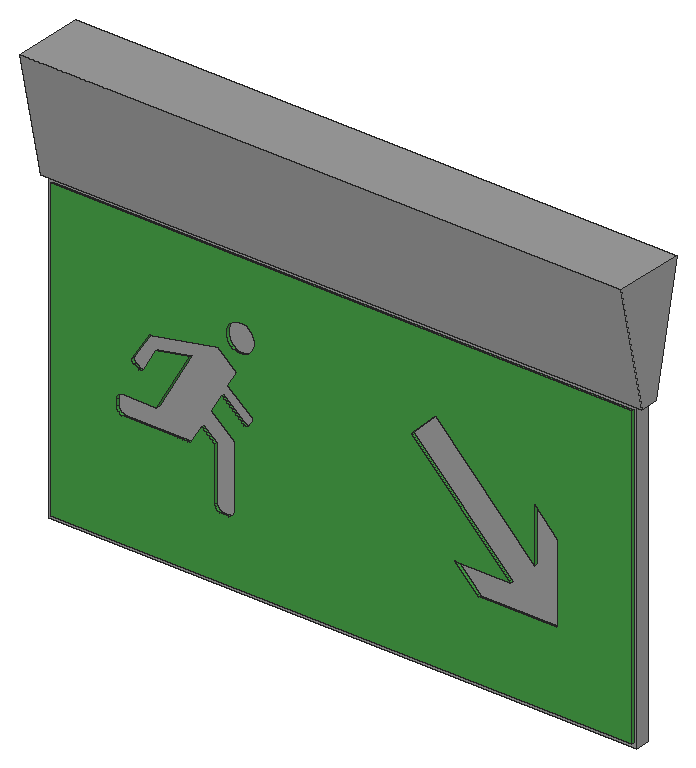
Revit family "ExiLED M ST LED (skrått 45 grader ned mot høyre_takmontasje)", category Lighting Fixtures, Revit 2013
Parameters (values of type "44m")
  Width Top = 53 mm
  Width = 10 mm
  Wattage Comments = "17 W"
  Wattage = 9.2903 W
  built-in parameter 1150110 = 1 (stored number, unit not read)
  Voltage = 230 V
  URL = ""
  built-in parameter 1114217 = 1 (stored number, unit not read)
  Tilt Angle = 90.00°
  built-in parameter 1150109 = 1 (stored number, unit not read)
  built-in parameter 1150134 = 3
  Symbol Positive Direction [instance] = yes
  Symbol Offset Side [instance] = 0 mm
  Symbol Offset Out [instance] = 0 mm
  built-in parameter 1150113 = 1 (stored number, unit not read)
  Reference Line Out [instance] = 31.983 mm
  Photometric Web File = "20x42A12.ies"
  Number of Poles = 1
  built-in parameter 1150105 = 109.82 (stored number, unit not read)
  Lumens = 1380 lm
  built-in parameter 1150115 = 1 (stored number, unit not read)
  Load Classification [instance] = Other
  Model = ""
  Manufacturer = ""
  built-in parameter 1150137 = (empty or 0)
  built-in parameter 1150139 = (empty or 0)
  Length = 455 mm
  built-in parameter 1150112 = 1 (stored number, unit not read)
  built-in parameter 1150114 = 1 (stored number, unit not read)
  Lamp = "1"
  built-in parameter 1150132 = (empty or 0)
  built-in parameter 1150102 = (empty or 0)
  built-in parameter 1150107 = 3200 (stored number, unit not read)
  built-in parameter 1150138 = (empty or 0)
  built-in parameter 1150106 = 1.0982 (stored number, unit not read)
  Height 1 = 232 mm
  Height = 322 mm
  built-in parameter 1150127 = Width  # 10 mm
  Emit from Rectangle Length = Length  # 455 mm
  Emit Shape Visible in Rendering = no
  built-in parameter 1150104 = 13.8 (stored number, unit not read)
  Dimming Lamp Color Temperature Shift = <None>
  Description = ""
  Color Filter = 16777215
  Body Material and Colour = Default
  built-in parameter 1114218 = 1 (stored number, unit not read)
  Emit from Rectangle Width = 3048 mm
  Assembly Code = ""
  Apparent Load = 17 VA
  44m = yes
  34m = no
  22m = no
Types (3, lengths in mm): name | Length | Height 1 | Height | Emit from Rectangle Length | 44m | 34m | 22m
  22m | 265 | 132 | 222 | 265 | no | no | yes
  34 m | 365 | 182 | 272 | 365 | no | yes | no
  44m | 455 | 232 | 322 | 455 | yes | no | no
Reference planes
  plane 1 "Light Source Axis (F/B)": y = 119.961
  plane 2 "Top": z = 83
  plane 3 "Light Source Axis (L/R)": x = 0
  plane 4 "Level": z = 0
  plane 5 "Bottom": z = -322
  plane 6: x = -227.5
  plane 7: x = 227.5
  plane 8: y = 124.961
  plane 9: y = 114.961
  plane 10: y = 126.961
  plane 11: y = 112.961
  plane 12: z = -90
  plane 13: y = 146.461
  plane 14: y = 93.461
  plane 15: x = -222.5
  plane 16: x = 222.5
  plane 17: z = -206
Forms (mm)
  Extrusion 1, solid, material "Default" <- "Body Material and Colour"
    sketch origin (0, 0, 0) x (0, 1, 0) y (0, 0, 1)
      loop
        line (124.961, -90) -> (114.961, -90) -> (114.961, -322) -> (124.961, -322) -> (124.961, -90)
    from -222.5 to 222.5
  Extrusion 2, solid, material "Default" <- "Body Material and Colour"
    sketch origin (0, 0, 0) x (0, 1, 0) y (0, 0, 1)
      loop
        line (93.461, 0) -> (112.961, -90) -> (126.961, -90) -> (146.461, 0) -> (93.461, 0)
    from -227.5 to 227.5
Lines and regions (mm)
  model lines, style "InvisibleLines"
    curve 1: line (0, 119.961, 0) -> (0, 151.943, 0)
Dimensions and locks
  "Height": plane 4 "Level" to plane 5 "Bottom"
  equal spacing: plane 6, plane 3 "Light Source Axis (L/R)", plane 7
  "Length": plane 6 to plane 7
  equal spacing: plane 8, plane 1 "Light Source Axis (F/B)", plane 9
  "Width": plane 8 to plane 9
  locked: plane 10 to plane 8 at 2
  locked: plane 9 to plane 11 at 2
  equal spacing: plane 13, plane 1 "Light Source Axis (F/B)", plane 14
  "Width Top": plane 13 to plane 14
  locked: plane 15 to plane 6 at 5
  locked: plane 7 to plane 16 at 5
  "Height 1": plane 12 to plane 5 "Bottom"
  equal spacing: plane 12, plane 17, plane 5 "Bottom"
  "Reference Line Out": plane 1 "Light Source Axis (F/B)" to curve 1
  aligned and locked: plane 4 "Level" to level
  aligned and locked: imposter light to plane 5 "Bottom"
  aligned and locked: plane 9 to Extrusion 1 sketch curve
  aligned and locked: plane 8 to Extrusion 1 sketch curve
  aligned and locked: Extrusion 1 sketch curve to plane 12
  aligned and locked: plane 4 "Level" to Extrusion 2 sketch curve
  aligned and locked: plane 12 to Extrusion 2 sketch curve
  aligned and locked: plane 13 to Extrusion 2 sketch curve
  aligned and locked: plane 14 to Extrusion 2 sketch curve
  aligned and locked: plane 11 to Extrusion 2 sketch curve
  aligned and locked: plane 10 to Extrusion 2 sketch curve
  aligned and locked: Extrusion 2 to plane 6
  aligned and locked: plane 7 to Extrusion 2
  aligned and locked: Extrusion 1 to plane 15
  aligned and locked: Extrusion 1 to plane 16
  aligned and locked: Extrusion 1 to plane 8
  aligned and locked: plane 9 to nested 1
  aligned and locked: plane 17 to nested 1
  aligned and locked: plane 3 "Light Source Axis (L/R)" to nested 1
  aligned and locked: plane 9 to nested 3
  aligned and locked: plane 17 to nested 3
  aligned and locked: nested 3 to plane 3 "Light Source Axis (L/R)"
  aligned and locked: plane 3 "Light Source Axis (L/R)" to nested 4
  aligned and locked: plane 9 to nested 4
  aligned and locked: plane 17 to nested 4
  aligned and locked: plane 8 to nested 5
  aligned and locked: plane 8 to nested 6
  aligned and locked: nested 5 to plane 17
  aligned and locked: nested 6 to plane 17
  aligned and locked: plane 3 "Light Source Axis (L/R)" to nested 7
  aligned and locked: plane 1 "Light Source Axis (F/B)" to nested 7
  aligned and locked: plane 1 "Light Source Axis (F/B)" to curve 1
  aligned and locked: plane 3 "Light Source Axis (L/R)" to curve 1
Automatic sketch dimensions
  Extrusion 1 sketch curve to plane 5 "Bottom" = 0 mm
Nested families
  nested 1: "22m_skrått 45 grader ned mot høyre" at (0, 114.961, -206), visible <- "22m", type "22m"
  nested 2: "22m_skrått 45 grader ned mot høyre" at (0, 124.961, -156), visible <- "22m", type "22m"
  nested 3: "34m_skrått 45 grader ned mot høyre" at (0, 114.961, -206), visible <- "34m", type "34m"
  nested 4: "44m_skrått 45 grader ned mot høyre" at (0, 114.961, -206), visible <- "44m", type "44m"
  nested 5: "44m_skrått 45 grader ned mot høyre" at (0, 124.961, -206), visible <- "44m", type "44m"
  nested 6: "34m_skrått 45 grader ned mot høyre" at (0, 124.961, -206), visible <- "34m", type "34m"
  nested 7: "MarkeringslysTakS" at (0, 119.961, 0), type "Type 1"
Connectors
  electrical at (0, 119.961, 0), driven by "Number of Poles", driven by "Load Classification", driven by "Voltage", driven by "Apparent Load"
    settings: on Extrusion 2, index 1, voltage 230 V, apparent load 0 VA, apparent load phase1 17 VA, apparent load phase2 0 VA, apparent load phase3 0 VA, power factor 1, load classification "Other", number of poles 1, system type 31, power factor state 1, is connector primary yes, connector utility no, sub classification motor no, connector description ""
Definition of nested family "22m_skrått 45 grader ned mot høyre"
  Parameters (values of type "22m")
    Material = yes
  Reference planes
    plane 1 "Center (Front/Back)": y = 0
    plane 2: z = 0
    plane 3 "Center (Left/Right)": x = 0
    plane 4: y = -2
  Forms (mm)
    Extrusion 1, solid, material "Green", visible <- "Material"
      sketch origin (0, 0, 0) x (1, 0, 0) y (0, 0, 1)
        loop
          circle (-37.537, 37.911) r 7
        loop
          line (-43.27, 25.598) -> (-48.881, 30.306) -> (-82.509, 23.758) -> (-90.937, 10.78)
          arc (-90.937, 10.78) -> (-91.208, 9.32) -> (-90.367, 8.097) r 1.939
          line (-90.367, 8.097) -> (-88.128, 6.643)
          arc (-88.128, 6.643) -> (-86.619, 6.384) -> (-85.393, 7.3) r 1.939
          line (-85.393, 7.3) -> (-79.335, 17.791) -> (-62.518, 21.066) -> (-78.794, -7.125) -> (-95.564, -7.125)
          arc (-95.564, -7.125) -> (-97.849, -8.071) -> (-98.796, -10.356) r 3.232
          line (-98.796, -10.356) -> (-98.796, -13.588)
          arc (-98.796, -13.588) -> (-97.849, -15.873) -> (-95.564, -16.82) r 3.232
          line (-95.564, -16.82) -> (-62.002, -16.82) -> (-56.839, -7.877) -> (-50.321, -13.346) -> (-50.321, -39.679)
          arc (-50.321, -39.679) -> (-49.374, -41.964) -> (-47.089, -42.911) r 3.232
          line (-47.089, -42.911) -> (-43.858, -42.911)
          arc (-43.858, -42.911) -> (-41.573, -41.964) -> (-40.626, -39.679) r 3.232
          line (-40.626, -39.679) -> (-40.626, -8.825) -> (-51.917, 0.649) -> (-46.994, 9.174) -> (-36.245, 0.154)
          arc (-36.245, 0.154) -> (-34.83, -0.292) -> (-33.513, 0.393) r 1.939
          line (-33.513, 0.393) -> (-31.851, 2.374)
          arc (-31.851, 2.374) -> (-31.405, 3.789) -> (-32.09, 5.106) r 1.939
          line (-32.09, 5.106) -> (-43.713, 14.858) -> (-39.62, 21.947) -> (-43.27, 25.598)
        loop
          line (-124.5, 63) -> (-124.5, -63) -> (124.5, -63) -> (124.5, 63) -> (-124.5, 63)
        loop
          line (95.32, 5.171) -> (83.969, 16.523) -> (83.969, -9.964) -> (36.672, 37.333) -> (25.32, 25.982) -> (72.618, -21.315) -> (46.131, -21.315) -> (57.483, -32.667) -> (95.32, -32.667) -> (95.32, 5.171)
      from 0 to 2
  Dimensions and locks
    aligned and locked: level to plane 2
    aligned and locked: plane 4 to Extrusion 1
    aligned and locked: Extrusion 1 to plane 1 "Center (Front/Back)"
    aligned and locked: Extrusion 1 to plane 4
Definition of nested family "34m_skrått 45 grader ned mot høyre"
  Parameters (values of type "34m")
    Material = yes
  Reference planes
    plane 1 "Center (Front/Back)": y = 0
    plane 2: z = 0
    plane 3 "Center (Left/Right)": x = 0
    plane 4: y = -2
  Forms (mm)
    Extrusion 1, solid, material "Green", visible <- "Material"
      sketch origin (0, 0, 0) x (1, 0, 0) y (0, 0, 1)
        loop
          circle (-59.197, 48.678) r 8.988
        loop
          line (-66.559, 32.868) -> (-73.764, 38.913) -> (-116.942, 30.506) -> (-127.764, 13.841)
          arc (-127.764, 13.841) -> (-128.111, 11.967) -> (-127.032, 10.397) r 2.49
          line (-127.032, 10.397) -> (-124.157, 8.53)
          arc (-124.157, 8.53) -> (-122.22, 8.197) -> (-120.645, 9.373) r 2.49
          line (-120.645, 9.373) -> (-112.867, 22.844) -> (-91.274, 27.049) -> (-112.172, -9.148) -> (-133.705, -9.148)
          arc (-133.705, -9.148) -> (-136.639, -10.364) -> (-137.855, -13.298) r 4.149
          line (-137.855, -13.298) -> (-137.855, -17.447)
          arc (-137.855, -17.447) -> (-136.639, -20.381) -> (-133.705, -21.597) r 4.149
          line (-133.705, -21.597) -> (-90.611, -21.597) -> (-83.981, -10.114) -> (-75.612, -17.137) -> (-75.612, -50.949)
          arc (-75.612, -50.949) -> (-74.397, -53.883) -> (-71.463, -55.098) r 4.149
          line (-71.463, -55.098) -> (-67.313, -55.098)
          arc (-67.313, -55.098) -> (-64.379, -53.883) -> (-63.164, -50.949) r 4.149
          line (-63.164, -50.949) -> (-63.164, -11.332) -> (-77.661, 0.833) -> (-71.341, 11.78) -> (-57.538, 0.198)
          arc (-57.538, 0.198) -> (-55.721, -0.375) -> (-54.031, 0.505) r 2.49
          line (-54.031, 0.505) -> (-51.897, 3.048)
          arc (-51.897, 3.048) -> (-51.324, 4.865) -> (-52.204, 6.556) r 2.49
          line (-52.204, 6.556) -> (-67.127, 19.078) -> (-61.872, 28.181) -> (-66.559, 32.868)
        loop
          line (-177, 88) -> (-177, -88) -> (177, -88) -> (177, 88) -> (-177, 88)
        loop
          line (124.003, 3.295) -> (110.503, 16.795) -> (110.503, -14.705) -> (54.253, 41.545) -> (40.753, 28.045) -> (97.003, -28.205) -> (65.503, -28.205) -> (79.003, -41.705) -> (124.003, -41.705) -> (124.003, 3.295)
      from 0 to 2
  Dimensions and locks
    aligned and locked: level to plane 2
    aligned and locked: plane 4 to Extrusion 1
    aligned and locked: Extrusion 1 to plane 1 "Center (Front/Back)"
    aligned and locked: Extrusion 1 to plane 4
Definition of nested family "44m_skrått 45 grader ned mot høyre"
  Parameters (values of type "44m")
    Material = yes
  Reference planes
    plane 1 "Center (Front/Back)": y = 0
    plane 2: z = 0
    plane 3 "Center (Left/Right)": x = 0
    plane 4: y = -2
  Forms (mm)
    Extrusion 1, solid, material "Green", visible <- "Material"
      sketch origin (0, 0, 0) x (1, 0, 0) y (0, 0, 1)
        loop
          circle (-75.849, 58.115) r 10.73
        loop
          line (-84.638, 39.24) -> (-93.24, 46.457) -> (-144.788, 36.42) -> (-157.708, 16.524)
          arc (-157.708, 16.524) -> (-158.123, 14.287) -> (-156.834, 12.413) r 2.972
          line (-156.834, 12.413) -> (-153.401, 10.183)
          arc (-153.401, 10.183) -> (-151.089, 9.786) -> (-149.208, 11.19) r 2.972
          line (-149.208, 11.19) -> (-139.923, 27.273) -> (-114.144, 32.293) -> (-139.094, -10.922) -> (-164.801, -10.922)
          arc (-164.801, -10.922) -> (-168.304, -12.373) -> (-169.755, -15.876) r 4.954
          line (-169.755, -15.876) -> (-169.755, -20.829)
          arc (-169.755, -20.829) -> (-168.304, -24.332) -> (-164.801, -25.783) r 4.954
          line (-164.801, -25.783) -> (-113.353, -25.783) -> (-105.438, -12.075) -> (-95.446, -20.459) -> (-95.446, -60.825)
          arc (-95.446, -60.825) -> (-93.995, -64.328) -> (-90.492, -65.779) r 4.954
          line (-90.492, -65.779) -> (-85.539, -65.779)
          arc (-85.539, -65.779) -> (-82.036, -64.328) -> (-80.585, -60.825) r 4.954
          line (-80.585, -60.825) -> (-80.585, -13.528) -> (-97.892, 0.994) -> (-90.347, 14.064) -> (-73.869, 0.237)
          arc (-73.869, 0.237) -> (-71.699, -0.447) -> (-69.681, 0.603) r 2.972
          line (-69.681, 0.603) -> (-67.134, 3.639)
          arc (-67.134, 3.639) -> (-66.45, 5.809) -> (-67.5, 7.827) r 2.972
          line (-67.5, 7.827) -> (-85.317, 22.776) -> (-79.042, 33.644) -> (-84.638, 39.24)
        loop
          line (-220, 113) -> (-220, -113) -> (220, -113) -> (220, 113) -> (-220, 113)
        loop
          line (164.557, 6.217) -> (146.557, 24.217) -> (146.557, -17.783) -> (71.557, 57.217) -> (53.557, 39.217) -> (128.557, -35.783) -> (86.557, -35.783) -> (104.557, -53.783) -> (164.557, -53.783) -> (164.557, 6.217)
      from 0 to 2
  Dimensions and locks
    aligned and locked: level to plane 2
    aligned and locked: plane 4 to Extrusion 1
    aligned and locked: Extrusion 1 to plane 1 "Center (Front/Back)"
    aligned and locked: Extrusion 1 to plane 4
Definition of nested family "MarkeringslysTakS"
  Parameters (values of type "Type 1")
    CQ Symbol Positive Direction = yes
    CQ Symbol Negative Direction = not(CQ Symbol Positive Direction)  # no
    CQ Symbol Offset Side = 0 mm
    CQ Symbol Offset Out = 0 mm
  Reference planes
    plane 1: y = 0
    plane 2: x = 0
  Dimensions and locks
    "CQ Symbol Offset Out": plane 1 to nested 1
    "CQ Symbol Offset Out": plane 1 to nested 2
    "CQ Symbol Offset Side": plane 2 to nested 2
    "CQ Symbol Offset Side": nested 1 to plane 2
  Nested families
    nested 1: "LedelysSub" at (0, 0, 0), visible <- "CQ Symbol Negative Direction", type "Type 1"
    nested 2: "LedelysSub" at (0, 0, 0), visible <- "CQ Symbol Positive Direction", type "Type 1"
  Definition of nested family "LedelysSub"
    Reference planes
      plane 1: y = 0
      plane 2: x = 0
    Lines and regions (mm)
      Filled region 1, type "Filled region 1"
        outline origin (64.576, 51.459, 0) x (1, 0, 0) y (0, 1, 0)
          loop
            arc (-65.575, -52.307) -> (-65.224, -51.459) -> (-65.575, -50.61) r 1.2
            line (-65.575, -50.61) -> (-66.424, -51.459) -> (-65.575, -52.307)
      Filled region 2, type "Filled region 1"
        outline origin (-68.271, 51.459, 0) x (0, 1, 0) y (-1, 0, 0)
          loop
            line (-52.307, -65.575) -> (-51.459, -66.424) -> (-50.61, -65.575)
            arc (-50.61, -65.575) -> (-51.459, -65.224) -> (-52.307, -65.575) r 1.2
      detail lines
        curve 1: line (-4, -2, 0) -> (4, -2, 0)
        curve 2: line (4, -2, 0) -> (4, 2, 0)
        curve 3: line (4, 2, 0) -> (-4, 2, 0)
        curve 4: line (-4, 2, 0) -> (-4, -2, 0)
        curve 5: line (-3.097, -1.25, 0) -> (-0.597, 1.25, 0)
        curve 6: line (-3.097, 1.25, 0) -> (-0.597, -1.25, 0)
        curve 7: circle (-1.847, 0, 0) r 1.2 normal (0, 0, 1)
    Text (mm)
      text "ML" at (2.179, 1.025, 0)
    Dimensions and locks
      aligned and locked: Filled region 1 sketch curve to curve 7
